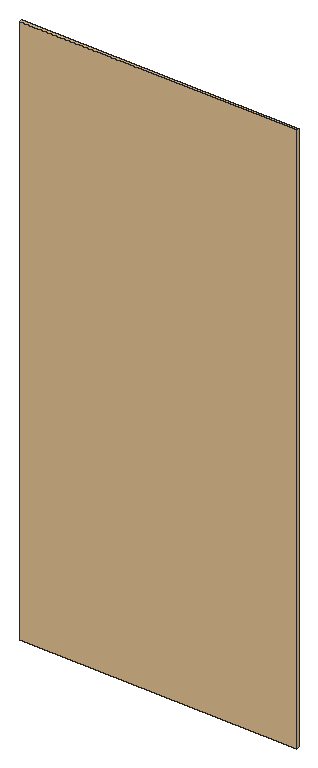
Revit family "American Walnut Veneer Honeycomb", category Generic Models, Revit 2017
Family settings
  Can host rebar = No
  Round Connector Dimension = Use Diameter
  Part Type = Normal
  Work Plane-Based = No
  Always vertical = Yes
  Cut with Voids When Loaded = No
  Shared = Yes
  Room Calculation Point = No
Parameters (values of type "2400 x 1200")
  Raw Finish Code = "EX24 AW-HOC"  # constant formula
  Material = none
  URL = "https://www.easycraft.com.au/products/253/expression-series"
  Panel_width = 1200 mm  # constant formula
  Panel_thickness = 10 mm  # constant formula
  Model = "Expression Series - Honeycomb"  # constant formula
  Manufacturer = "Easycraft Australia Pty Ltd ph 07 3906 7200"  # constant formula
  Panel_height = 2400 mm  # constant formula
  Description = "American Walnut Veneer"  # constant formula
  Clear Finish Code = "EX24 AW-HOC-CF"  # constant formula
  Assembly Code = ""
Reference planes
  plane 1 "Center (Front/Back)": y = 0
  plane 2: z = 0
  plane 3 "Center (Left/Right)": x = 0
  plane 4 "Panel_top": z = 2400
  plane 5 "Panel face": y = -10
Forms (mm)
  Extrusion 1, solid, material "American Walnut Veneer"
    sketch origin (0, 0, 2400) x (0, -1, 0) y (1, 0, 0)
      loop
        line (0, 0) -> (10, 0) -> (10, 1200) -> (0, 1200) -> (0, 0)
    from -2400 to 0
Lines and regions (mm)
  model lines, style "easycraft expressions pattern"
    curve 1: line (1170.784, -10, 2287.01) -> (1200, -10, 2287.01)
    curve 2: line (1129.224, -10, 2348.821) -> (1070.792, -10, 2348.821)
    curve 3: line (1170.783, -10, 2163.389) -> (1200, -10, 2163.389)
    curve 4: line (1129.224, -10, 2225.2) -> (1070.792, -10, 2225.2)
    curve 5: line (1170.783, -10, 2039.767) -> (1200, -10, 2039.767)
    curve 6: line (1129.225, -10, 2101.577) -> (1070.792, -10, 2101.577)
    curve 7: line (1170.784, -10, 1916.144) -> (1200, -10, 1916.144)
    curve 8: line (1129.224, -10, 1977.955) -> (1070.792, -10, 1977.955)
    curve 9: line (1170.784, -10, 1792.521) -> (1200, -10, 1792.521)
    curve 10: line (1129.224, -10, 1854.332) -> (1070.792, -10, 1854.332)
    curve 11: line (1170.784, -10, 1668.899) -> (1200, -10, 1668.899)
    curve 12: line (1129.224, -10, 1730.709) -> (1070.792, -10, 1730.709)
    curve 13: line (1170.784, -10, 1545.276) -> (1200, -10, 1545.276)
    curve 14: line (1129.224, -10, 1607.087) -> (1070.792, -10, 1607.087)
    curve 15: line (1170.784, -10, 1421.654) -> (1200, -10, 1421.654)
    curve 16: line (1129.224, -10, 1483.465) -> (1070.792, -10, 1483.465)
    curve 17: line (1170.784, -10, 1298.032) -> (1200, -10, 1298.032)
    curve 18: line (1129.224, -10, 1359.843) -> (1070.793, -10, 1359.843)
    curve 19: line (1170.784, -10, 1174.411) -> (1200, -10, 1174.411)
    curve 20: line (1129.224, -10, 1236.221) -> (1070.792, -10, 1236.221)
    curve 21: line (1170.784, -10, 1050.789) -> (1200, -10, 1050.789)
    curve 22: line (1129.224, -10, 1112.6) -> (1070.793, -10, 1112.6)
    curve 23: line (1170.784, -10, 927.167) -> (1200, -10, 927.167)
    curve 24: line (1129.224, -10, 988.978) -> (1070.791, -10, 988.978)
    curve 25: line (1170.784, -10, 803.543) -> (1200, -10, 803.543)
    curve 26: line (1129.224, -10, 865.355) -> (1070.792, -10, 865.355)
    curve 27: line (1170.784, -10, 679.922) -> (1200, -10, 679.922)
    curve 28: line (1129.224, -10, 741.733) -> (1070.793, -10, 741.733)
    curve 29: line (1170.784, -10, 556.3) -> (1200, -10, 556.3)
    curve 30: line (1129.224, -10, 618.111) -> (1070.791, -10, 618.111)
    curve 31: line (1170.784, -10, 432.677) -> (1200, -10, 432.677)
    curve 32: line (1129.224, -10, 494.488) -> (1070.792, -10, 494.488)
    curve 33: line (1170.784, -10, 309.056) -> (1200, -10, 309.056)
    curve 34: line (1129.224, -10, 370.867) -> (1070.793, -10, 370.867)
    curve 35: line (1170.784, -10, 185.434) -> (1200, -10, 185.434)
    curve 36: line (1129.224, -10, 247.246) -> (1070.791, -10, 247.246)
    curve 37: line (1170.785, -10, 61.811) -> (1200, -10, 61.811)
    curve 38: line (1129.224, -10, 123.622) -> (1070.791, -10, 123.622)
    curve 39: line (1163.635, -10, 2400) -> (1129.224, -10, 2348.821)
    curve 40: line (1129.224, -10, 2348.821) -> (1170.784, -10, 2287.01)
    curve 41: line (1170.784, -10, 2287.01) -> (1129.224, -10, 2225.199)
    curve 42: line (1129.224, -10, 2225.199) -> (1170.783, -10, 2163.389)
    curve 43: line (1170.784, -10, 2163.388) -> (1129.225, -10, 2101.577)
    curve 44: line (1129.224, -10, 2101.577) -> (1170.783, -10, 2039.767)
    curve 45: line (1170.784, -10, 2039.766) -> (1129.224, -10, 1977.955)
    curve 46: line (1129.224, -10, 1977.955) -> (1170.784, -10, 1916.144)
    curve 47: line (1170.784, -10, 1916.144) -> (1129.224, -10, 1854.332)
    curve 48: line (1129.224, -10, 1854.332) -> (1170.784, -10, 1792.521)
    curve 49: line (1170.784, -10, 1792.521) -> (1129.224, -10, 1730.709)
    curve 50: line (1129.224, -10, 1730.709) -> (1170.784, -10, 1668.899)
    curve 51: line (1170.784, -10, 1668.899) -> (1129.224, -10, 1607.087)
    curve 52: line (1129.224, -10, 1607.087) -> (1170.784, -10, 1545.276)
    curve 53: line (1170.784, -10, 1545.276) -> (1129.224, -10, 1483.465)
    curve 54: line (1129.224, -10, 1483.465) -> (1170.784, -10, 1421.654)
    curve 55: line (1170.784, -10, 1421.654) -> (1129.224, -10, 1359.843)
    curve 56: line (1129.224, -10, 1359.843) -> (1170.784, -10, 1298.032)
    curve 57: line (1170.784, -10, 1298.032) -> (1129.224, -10, 1236.221)
    curve 58: line (1129.224, -10, 1236.221) -> (1170.784, -10, 1174.411)
    curve 59: line (1170.784, -10, 1174.411) -> (1129.224, -10, 1112.6)
    curve 60: line (1129.224, -10, 1112.6) -> (1170.784, -10, 1050.789)
    curve 61: line (1170.784, -10, 1050.789) -> (1129.224, -10, 988.978)
    curve 62: line (1129.224, -10, 988.978) -> (1170.784, -10, 927.167)
    curve 63: line (1170.784, -10, 927.167) -> (1129.224, -10, 865.355)
    curve 64: line (1129.224, -10, 865.355) -> (1170.784, -10, 803.545)
    curve 65: line (1170.784, -10, 803.545) -> (1129.224, -10, 741.733)
    curve 66: line (1129.224, -10, 741.733) -> (1170.784, -10, 679.922)
    curve 67: line (1170.784, -10, 679.922) -> (1129.224, -10, 618.111)
    curve 68: line (1129.224, -10, 618.111) -> (1170.784, -10, 556.3)
    curve 69: line (1170.784, -10, 556.3) -> (1129.224, -10, 494.488)
    curve 70: line (1129.224, -10, 494.489) -> (1170.784, -10, 432.678)
    curve 71: line (1170.784, -10, 432.678) -> (1129.224, -10, 370.867)
    curve 72: line (1129.224, -10, 370.867) -> (1170.784, -10, 309.056)
    curve 73: line (1170.784, -10, 309.056) -> (1129.224, -10, 247.246)
    curve 74: line (1129.224, -10, 247.246) -> (1170.784, -10, 185.434)
    curve 75: line (1170.784, -10, 185.434) -> (1129.224, -10, 123.622)
    curve 76: line (1129.224, -10, 123.622) -> (1170.785, -10, 61.811)
    curve 77: line (1170.784, -10, 61.812) -> (1129.224, -10, 0)
    curve 78: line (1070.792, -10, 0.001) -> (1029.232, -10, 61.812)
    curve 79: line (1029.232, -10, 61.812) -> (1070.792, -10, 123.622)
    curve 80: line (1070.791, -10, 123.622) -> (1029.233, -10, 185.434)
    curve 81: line (1029.233, -10, 185.434) -> (1070.792, -10, 247.244)
    curve 82: line (1070.791, -10, 247.246) -> (1029.233, -10, 309.057)
    curve 83: line (1029.233, -10, 309.057) -> (1070.793, -10, 370.867)
    curve 84: line (1070.792, -10, 370.867) -> (1029.233, -10, 432.678)
    curve 85: line (1029.233, -10, 432.678) -> (1070.792, -10, 494.489)
    curve 86: line (1070.792, -10, 494.489) -> (1029.233, -10, 556.3)
    curve 87: line (1029.233, -10, 556.3) -> (1070.792, -10, 618.11)
    curve 88: line (1070.791, -10, 618.111) -> (1029.233, -10, 679.921)
    curve 89: line (1029.233, -10, 679.921) -> (1070.793, -10, 741.733)
    curve 90: line (1070.792, -10, 741.732) -> (1029.233, -10, 803.543)
    curve 91: line (1029.233, -10, 803.543) -> (1070.792, -10, 865.355)
    curve 92: line (1070.792, -10, 865.355) -> (1029.233, -10, 927.165)
    curve 93: line (1029.233, -10, 927.165) -> (1070.792, -10, 988.976)
    curve 94: line (1070.791, -10, 988.978) -> (1029.233, -10, 1050.788)
    curve 95: line (1029.233, -10, 1050.788) -> (1070.793, -10, 1112.6)
    curve 96: line (1070.792, -10, 1112.598) -> (1029.233, -10, 1174.41)
    curve 97: line (1029.233, -10, 1174.41) -> (1070.792, -10, 1236.221)
    curve 98: line (1070.792, -10, 1236.221) -> (1029.233, -10, 1298.032)
    curve 99: line (1029.233, -10, 1298.032) -> (1070.793, -10, 1359.843)
    curve 100: line (1070.792, -10, 1359.841) -> (1029.233, -10, 1421.653)
    curve 101: line (1029.233, -10, 1421.653) -> (1070.792, -10, 1483.465)
    curve 102: line (1070.792, -10, 1483.465) -> (1029.233, -10, 1545.276)
    curve 103: line (1029.233, -10, 1545.276) -> (1070.792, -10, 1607.087)
    curve 104: line (1070.792, -10, 1607.087) -> (1029.233, -10, 1668.899)
    curve 105: line (1029.233, -10, 1668.899) -> (1070.792, -10, 1730.709)
    curve 106: line (1070.792, -10, 1730.709) -> (1029.233, -10, 1792.521)
    curve 107: line (1029.233, -10, 1792.521) -> (1070.792, -10, 1854.332)
    curve 108: line (1070.792, -10, 1854.332) -> (1029.233, -10, 1916.144)
    curve 109: line (1029.233, -10, 1916.144) -> (1070.792, -10, 1977.955)
    curve 110: line (1070.792, -10, 1977.955) -> (1029.233, -10, 2039.766)
    curve 111: line (1029.233, -10, 2039.766) -> (1070.792, -10, 2101.577)
    curve 112: line (1070.792, -10, 2101.577) -> (1029.233, -10, 2163.388)
    curve 113: line (1029.233, -10, 2163.388) -> (1070.792, -10, 2225.199)
    curve 114: line (1070.792, -10, 2225.199) -> (1029.233, -10, 2287.01)
    curve 115: line (1029.233, -10, 2287.01) -> (1070.792, -10, 2348.821)
    curve 116: line (1070.792, -10, 2348.821) -> (1036.381, -10, 2400)
    curve 117: line (1029.233, -10, 2287.01) -> (970.8, -10, 2287.01)
    curve 118: line (1029.233, -10, 2163.389) -> (970.8, -10, 2163.389)
    curve 119: line (1029.233, -10, 2039.767) -> (970.8, -10, 2039.767)
    curve 120: line (1029.233, -10, 1916.144) -> (970.801, -10, 1916.144)
    curve 121: line (1029.233, -10, 1792.521) -> (970.8, -10, 1792.521)
    curve 122: line (1029.233, -10, 1668.899) -> (970.799, -10, 1668.899)
    curve 123: line (1029.233, -10, 1545.276) -> (970.8, -10, 1545.276)
    curve 124: line (1029.233, -10, 1421.653) -> (970.8, -10, 1421.653)
    curve 125: line (1029.233, -10, 1298.032) -> (970.8, -10, 1298.032)
    curve 126: line (1029.233, -10, 1174.41) -> (970.799, -10, 1174.41)
    curve 127: line (1029.233, -10, 1050.788) -> (970.801, -10, 1050.788)
    curve 128: line (1029.233, -10, 927.165) -> (970.8, -10, 927.165)
    curve 129: line (1029.233, -10, 803.544) -> (970.8, -10, 803.544)
    curve 130: line (1029.233, -10, 679.921) -> (970.801, -10, 679.921)
    curve 131: line (1029.233, -10, 556.3) -> (970.8, -10, 556.3)
    curve 132: line (1029.233, -10, 432.679) -> (970.801, -10, 432.679)
    curve 133: line (1029.233, -10, 309.057) -> (970.799, -10, 309.057)
    curve 134: line (1029.233, -10, 185.434) -> (970.8, -10, 185.434)
    curve 135: line (1029.233, -10, 61.811) -> (970.8, -10, 61.811)
    curve 136: line (836.397, -10, 2400) -> (870.807, -10, 2348.822)
    curve 137: line (870.807, -10, 2348.822) -> (829.248, -10, 2287.011)
    curve 138: line (829.248, -10, 2287.011) -> (870.807, -10, 2225.2)
    curve 139: line (870.807, -10, 2225.2) -> (829.248, -10, 2163.389)
    curve 140: line (829.248, -10, 2163.389) -> (870.807, -10, 2101.577)
    curve 141: line (870.807, -10, 2101.577) -> (829.248, -10, 2039.767)
    curve 142: line (829.248, -10, 2039.767) -> (870.807, -10, 1977.955)
    curve 143: line (870.807, -10, 1977.955) -> (829.248, -10, 1916.141)
    curve 144: line (829.248, -10, 1916.141) -> (870.806, -10, 1854.332)
    curve 145: line (870.807, -10, 1854.331) -> (829.248, -10, 1792.521)
    curve 146: line (829.248, -10, 1792.521) -> (870.807, -10, 1730.71)
    curve 147: line (870.807, -10, 1730.71) -> (829.248, -10, 1668.899)
    curve 148: line (829.248, -10, 1668.899) -> (870.807, -10, 1607.088)
    curve 149: line (870.807, -10, 1607.088) -> (829.248, -10, 1545.274)
    curve 150: line (829.248, -10, 1545.274) -> (870.806, -10, 1483.464)
    curve 151: line (870.807, -10, 1483.463) -> (829.248, -10, 1421.655)
    curve 152: line (829.248, -10, 1421.655) -> (870.807, -10, 1359.843)
    curve 153: line (870.807, -10, 1359.843) -> (829.248, -10, 1298.03)
    curve 154: line (829.248, -10, 1298.03) -> (870.807, -10, 1236.22)
    curve 155: line (870.807, -10, 1236.22) -> (829.248, -10, 1174.408)
    curve 156: line (829.248, -10, 1174.408) -> (870.806, -10, 1112.598)
    curve 157: line (870.807, -10, 1112.596) -> (829.248, -10, 1050.788)
    curve 158: line (829.248, -10, 1050.788) -> (870.807, -10, 988.977)
    curve 159: line (870.807, -10, 988.977) -> (829.248, -10, 927.166)
    curve 160: line (829.248, -10, 927.166) -> (870.807, -10, 865.355)
    curve 161: line (870.807, -10, 865.355) -> (829.248, -10, 803.541)
    curve 162: line (829.248, -10, 803.541) -> (870.806, -10, 741.731)
    curve 163: line (870.807, -10, 741.73) -> (829.248, -10, 679.923)
    curve 164: line (829.248, -10, 679.923) -> (870.807, -10, 618.112)
    curve 165: line (870.807, -10, 618.112) -> (829.248, -10, 556.301)
    curve 166: line (829.248, -10, 556.301) -> (870.807, -10, 494.489)
    curve 167: line (870.807, -10, 494.489) -> (829.248, -10, 432.679)
    curve 168: line (829.248, -10, 432.679) -> (870.806, -10, 370.869)
    curve 169: line (870.807, -10, 370.867) -> (829.248, -10, 309.058)
    curve 170: line (829.248, -10, 309.058) -> (870.807, -10, 247.245)
    curve 171: line (870.807, -10, 247.245) -> (829.248, -10, 185.434)
    curve 172: line (829.248, -10, 185.434) -> (870.807, -10, 123.623)
    curve 173: line (870.807, -10, 123.623) -> (829.247, -10, 61.813)
    curve 174: line (829.247, -10, 61.813) -> (870.807, -10, 0.001)
    curve 175: line (929.24, -10, 0.001) -> (970.8, -10, 61.811)
    curve 176: line (970.8, -10, 61.811) -> (929.241, -10, 123.623)
    curve 177: line (929.241, -10, 123.623) -> (970.8, -10, 185.434)
    curve 178: line (970.8, -10, 185.434) -> (929.241, -10, 247.245)
    curve 179: line (929.241, -10, 247.245) -> (970.8, -10, 309.056)
    curve 180: line (970.799, -10, 309.057) -> (929.241, -10, 370.869)
    curve 181: line (929.241, -10, 370.869) -> (970.801, -10, 432.679)
    curve 182: line (970.8, -10, 432.678) -> (929.241, -10, 494.489)
    curve 183: line (929.241, -10, 494.489) -> (970.8, -10, 556.3)
    curve 184: line (970.8, -10, 556.3) -> (929.241, -10, 618.112)
    curve 185: line (929.241, -10, 618.112) -> (970.801, -10, 679.921)
    curve 186: line (970.8, -10, 679.92) -> (929.241, -10, 741.731)
    curve 187: line (929.241, -10, 741.731) -> (970.8, -10, 803.543)
    curve 188: line (970.8, -10, 803.544) -> (929.241, -10, 865.354)
    curve 189: line (929.241, -10, 865.355) -> (970.8, -10, 927.165)
    curve 190: line (970.8, -10, 927.165) -> (929.241, -10, 988.977)
    curve 191: line (929.241, -10, 988.977) -> (970.801, -10, 1050.788)
    curve 192: line (970.8, -10, 1050.786) -> (929.241, -10, 1112.598)
    curve 193: line (929.241, -10, 1112.598) -> (970.8, -10, 1174.408)
    curve 194: line (970.799, -10, 1174.41) -> (929.241, -10, 1236.22)
    curve 195: line (929.241, -10, 1236.22) -> (970.8, -10, 1298.032)
    curve 196: line (970.8, -10, 1298.032) -> (929.241, -10, 1359.843)
    curve 197: line (929.241, -10, 1359.843) -> (970.8, -10, 1421.653)
    curve 198: line (970.8, -10, 1421.653) -> (929.241, -10, 1483.464)
    curve 199: line (929.241, -10, 1483.464) -> (970.8, -10, 1545.276)
    curve 200: line (970.8, -10, 1545.276) -> (929.241, -10, 1607.088)
    curve 201: line (929.241, -10, 1607.088) -> (970.8, -10, 1668.897)
    curve 202: line (970.799, -10, 1668.899) -> (929.241, -10, 1730.71)
    curve 203: line (929.241, -10, 1730.71) -> (970.8, -10, 1792.521)
    curve 204: line (970.8, -10, 1792.521) -> (929.241, -10, 1854.332)
    curve 205: line (929.241, -10, 1854.332) -> (970.801, -10, 1916.144)
    curve 206: line (970.8, -10, 1916.144) -> (929.241, -10, 1977.955)
    curve 207: line (929.241, -10, 1977.955) -> (970.8, -10, 2039.766)
    curve 208: line (970.8, -10, 2039.766) -> (929.241, -10, 2101.577)
    curve 209: line (929.241, -10, 2101.577) -> (970.8, -10, 2163.388)
    curve 210: line (970.8, -10, 2163.388) -> (929.241, -10, 2225.2)
    curve 211: line (929.241, -10, 2225.2) -> (970.8, -10, 2287.01)
    curve 212: line (970.8, -10, 2287.01) -> (929.241, -10, 2348.822)
    curve 213: line (929.241, -10, 2348.822) -> (963.65, -10, 2400)
    curve 214: line (929.241, -10, 2348.822) -> (870.807, -10, 2348.822)
    curve 215: line (929.24, -10, 2225.2) -> (870.807, -10, 2225.2)
    curve 216: line (929.24, -10, 2101.578) -> (870.807, -10, 2101.578)
    curve 217: line (929.24, -10, 1977.956) -> (870.807, -10, 1977.956)
    curve 218: line (929.241, -10, 1854.332) -> (870.806, -10, 1854.332)
    curve 219: line (929.241, -10, 1730.71) -> (870.807, -10, 1730.71)
    curve 220: line (929.241, -10, 1607.088) -> (870.807, -10, 1607.088)
    curve 221: line (929.241, -10, 1483.464) -> (870.806, -10, 1483.464)
    curve 222: line (929.241, -10, 1359.843) -> (870.807, -10, 1359.843)
    curve 223: line (929.241, -10, 1236.22) -> (870.807, -10, 1236.22)
    curve 224: line (929.241, -10, 1112.598) -> (870.806, -10, 1112.598)
    curve 225: line (929.241, -10, 988.977) -> (870.807, -10, 988.977)
    curve 226: line (929.241, -10, 865.354) -> (870.807, -10, 865.354)
    curve 227: line (929.241, -10, 741.731) -> (870.806, -10, 741.731)
    curve 228: line (929.241, -10, 618.112) -> (870.807, -10, 618.112)
    curve 229: line (929.24, -10, 494.489) -> (870.807, -10, 494.489)
    curve 230: line (929.241, -10, 370.869) -> (870.806, -10, 370.869)
    curve 231: line (929.241, -10, 247.245) -> (870.807, -10, 247.245)
    curve 232: line (929.241, -10, 123.623) -> (870.807, -10, 123.623)
    curve 233: line (763.665, -10, 2400) -> (729.256, -10, 2348.824)
    curve 234: line (729.256, -10, 2348.824) -> (770.816, -10, 2287.011)
    curve 235: line (770.816, -10, 2287.011) -> (729.256, -10, 2225.2)
    curve 236: line (729.256, -10, 2225.2) -> (770.816, -10, 2163.389)
    curve 237: line (770.816, -10, 2163.389) -> (729.256, -10, 2101.578)
    curve 238: line (729.256, -10, 2101.578) -> (770.816, -10, 2039.767)
    curve 239: line (829.248, -10, 2287.011) -> (770.816, -10, 2287.011)
    curve 240: line (829.248, -10, 2163.389) -> (770.816, -10, 2163.389)
    curve 241: line (829.248, -10, 2039.769) -> (770.816, -10, 2039.769)
    curve 242: line (770.816, -10, 2039.769) -> (729.256, -10, 1977.952)
    curve 243: line (729.256, -10, 1977.952) -> (770.816, -10, 1916.14)
    curve 244: line (770.816, -10, 1916.14) -> (729.256, -10, 1854.33)
    curve 245: line (729.256, -10, 1854.33) -> (770.816, -10, 1792.521)
    curve 246: line (770.816, -10, 1792.521) -> (729.256, -10, 1730.709)
    curve 247: line (729.256, -10, 1730.709) -> (770.816, -10, 1668.898)
    curve 248: line (829.248, -10, 1916.141) -> (770.816, -10, 1916.141)
    curve 249: line (829.248, -10, 1792.521) -> (770.816, -10, 1792.521)
    curve 250: line (829.248, -10, 1668.899) -> (770.816, -10, 1668.899)
    curve 251: line (770.816, -10, 1668.899) -> (729.256, -10, 1607.084)
    curve 252: line (729.256, -10, 1607.084) -> (770.815, -10, 1545.274)
    curve 253: line (770.816, -10, 1545.273) -> (729.256, -10, 1483.465)
    curve 254: line (729.256, -10, 1483.465) -> (770.815, -10, 1421.655)
    curve 255: line (770.816, -10, 1421.653) -> (729.256, -10, 1359.841)
    curve 256: line (729.256, -10, 1359.841) -> (770.816, -10, 1298.03)
    curve 257: line (770.816, -10, 1298.03) -> (729.256, -10, 1236.219)
    curve 258: line (729.256, -10, 1236.219) -> (770.816, -10, 1174.408)
    curve 259: line (770.816, -10, 1174.408) -> (729.256, -10, 1112.6)
    curve 260: line (729.256, -10, 1112.6) -> (770.816, -10, 1050.788)
    curve 261: line (770.816, -10, 1050.788) -> (729.256, -10, 988.977)
    curve 262: line (729.256, -10, 988.977) -> (770.816, -10, 927.166)
    curve 263: line (770.816, -10, 927.166) -> (729.256, -10, 865.353)
    curve 264: line (729.256, -10, 865.353) -> (770.815, -10, 803.542)
    curve 265: line (770.816, -10, 803.541) -> (729.256, -10, 741.733)
    curve 266: line (729.256, -10, 741.733) -> (770.816, -10, 679.922)
    curve 267: line (829.248, -10, 1545.274) -> (770.815, -10, 1545.274)
    curve 268: line (829.248, -10, 1421.655) -> (770.815, -10, 1421.655)
    curve 269: line (829.248, -10, 1298.03) -> (770.816, -10, 1298.03)
    curve 270: line (829.248, -10, 1174.408) -> (770.816, -10, 1174.408)
    curve 271: line (829.248, -10, 1050.788) -> (770.816, -10, 1050.788)
    curve 272: line (829.248, -10, 927.166) -> (770.816, -10, 927.166)
    curve 273: line (829.248, -10, 803.542) -> (770.815, -10, 803.542)
    curve 274: line (829.248, -10, 679.923) -> (770.816, -10, 679.923)
    curve 275: line (770.816, -10, 679.923) -> (729.256, -10, 618.112)
    curve 276: line (729.256, -10, 618.112) -> (770.815, -10, 556.301)
    curve 277: line (770.816, -10, 556.299) -> (729.256, -10, 494.49)
    curve 278: line (729.256, -10, 494.49) -> (770.816, -10, 432.679)
    curve 279: line (770.816, -10, 432.679) -> (729.256, -10, 370.868)
    curve 280: line (729.256, -10, 370.868) -> (770.816, -10, 309.056)
    curve 281: line (829.248, -10, 556.301) -> (770.815, -10, 556.301)
    curve 282: line (829.248, -10, 432.678) -> (770.816, -10, 432.678)
    curve 283: line (829.248, -10, 185.434) -> (770.816, -10, 185.434)
    curve 284: line (829.248, -10, 61.813) -> (770.816, -10, 61.813)
    curve 285: line (636.413, -10, 2400) -> (670.822, -10, 2348.824)
    curve 286: line (670.823, -10, 2348.822) -> (629.263, -10, 2287.013)
    curve 287: line (629.263, -10, 2287.013) -> (670.823, -10, 2225.2)
    curve 288: line (670.823, -10, 2225.2) -> (629.263, -10, 2163.389)
    curve 289: line (629.263, -10, 2163.389) -> (670.821, -10, 2101.58)
    curve 290: line (670.823, -10, 2101.578) -> (629.263, -10, 2039.762)
    curve 291: line (629.263, -10, 2039.762) -> (670.821, -10, 1977.954)
    curve 292: line (670.823, -10, 1977.952) -> (629.263, -10, 1916.142)
    curve 293: line (629.263, -10, 1916.142) -> (670.823, -10, 1854.33)
    curve 294: line (670.823, -10, 1854.33) -> (629.263, -10, 1792.519)
    curve 295: line (629.263, -10, 1792.519) -> (670.822, -10, 1730.709)
    curve 296: line (670.823, -10, 1730.708) -> (629.263, -10, 1668.894)
    curve 297: line (629.263, -10, 1668.894) -> (670.822, -10, 1607.084)
    curve 298: line (670.823, -10, 1607.083) -> (629.263, -10, 1545.272)
    curve 299: line (629.263, -10, 1545.272) -> (670.823, -10, 1483.465)
    curve 300: line (670.823, -10, 1483.465) -> (629.263, -10, 1421.651)
    curve 301: line (629.263, -10, 1421.651) -> (670.822, -10, 1359.841)
    curve 302: line (670.823, -10, 1359.84) -> (629.263, -10, 1298.029)
    curve 303: line (629.263, -10, 1298.029) -> (670.822, -10, 1236.219)
    curve 304: line (670.823, -10, 1236.218) -> (629.263, -10, 1174.41)
    curve 305: line (629.263, -10, 1174.41) -> (670.822, -10, 1112.6)
    curve 306: line (670.823, -10, 1112.598) -> (629.263, -10, 1050.789)
    curve 307: line (629.263, -10, 1050.789) -> (670.823, -10, 988.977)
    curve 308: line (670.823, -10, 988.977) -> (629.263, -10, 927.164)
    curve 309: line (629.263, -10, 927.164) -> (670.823, -10, 865.353)
    curve 310: line (670.823, -10, 865.353) -> (629.263, -10, 803.544)
    curve 311: line (629.263, -10, 803.544) -> (670.822, -10, 741.733)
    curve 312: line (670.823, -10, 741.732) -> (629.263, -10, 679.922)
    curve 313: line (629.263, -10, 679.922) -> (670.823, -10, 618.112)
    curve 314: line (670.823, -10, 618.112) -> (629.263, -10, 556.301)
    curve 315: line (629.263, -10, 556.301) -> (670.823, -10, 494.49)
    curve 316: line (670.823, -10, 494.49) -> (629.263, -10, 432.678)
    curve 317: line (629.263, -10, 432.678) -> (670.822, -10, 370.868)
    curve 318: line (670.823, -10, 370.866) -> (629.263, -10, 309.057)
    curve 319: line (629.263, -10, 309.057) -> (670.823, -10, 247.246)
    curve 320: line (670.823, -10, 247.246) -> (629.263, -10, 185.436)
    curve 321: line (629.263, -10, 185.436) -> (670.823, -10, 123.623)
    curve 322: line (670.823, -10, 123.623) -> (629.262, -10, 61.814)
    curve 323: line (629.263, -10, 61.813) -> (670.822, -10, 0.002)
    curve 324: line (729.256, -10, 0.002) -> (770.816, -10, 61.813)
    curve 325: line (770.816, -10, 61.812) -> (729.256, -10, 123.623)
    curve 326: line (729.256, -10, 123.623) -> (770.816, -10, 185.434)
    curve 327: line (770.816, -10, 185.434) -> (729.256, -10, 247.246)
    curve 328: line (729.256, -10, 247.246) -> (770.816, -10, 309.058)
    curve 329: line (770.816, -10, 309.058) -> (829.248, -10, 309.058)
    curve 330: line (729.256, -10, 2348.824) -> (670.822, -10, 2348.824)
    curve 331: line (729.255, -10, 2225.201) -> (670.823, -10, 2225.201)
    curve 332: line (729.255, -10, 2101.58) -> (670.821, -10, 2101.58)
    curve 333: line (729.255, -10, 1977.954) -> (670.821, -10, 1977.954)
    curve 334: line (729.256, -10, 1854.33) -> (670.823, -10, 1854.33)
    curve 335: line (729.256, -10, 1730.709) -> (670.822, -10, 1730.709)
    curve 336: line (729.256, -10, 1607.084) -> (670.822, -10, 1607.084)
    curve 337: line (729.256, -10, 1483.465) -> (670.823, -10, 1483.465)
    curve 338: line (729.256, -10, 1359.841) -> (670.822, -10, 1359.841)
    curve 339: line (729.256, -10, 1236.219) -> (670.822, -10, 1236.219)
    curve 340: line (729.256, -10, 1112.6) -> (670.822, -10, 1112.6)
    curve 341: line (729.256, -10, 988.977) -> (670.823, -10, 988.977)
    curve 342: line (729.255, -10, 865.352) -> (670.823, -10, 865.352)
    curve 343: line (729.256, -10, 741.733) -> (670.822, -10, 741.733)
    curve 344: line (729.256, -10, 618.112) -> (670.823, -10, 618.112)
    curve 345: line (729.255, -10, 494.489) -> (670.823, -10, 494.489)
    curve 346: line (729.256, -10, 370.868) -> (670.822, -10, 370.868)
    curve 347: line (729.256, -10, 247.246) -> (670.823, -10, 247.246)
    curve 348: line (729.256, -10, 123.623) -> (670.823, -10, 123.623)
    curve 349: line (629.263, -10, 2287.013) -> (570.83, -10, 2287.013)
    curve 350: line (629.263, -10, 2163.391) -> (570.83, -10, 2163.391)
    curve 351: line (629.263, -10, 2039.762) -> (570.831, -10, 2039.762)
    curve 352: line (629.263, -10, 1916.142) -> (570.83, -10, 1916.142)
    curve 353: line (629.263, -10, 1792.519) -> (570.832, -10, 1792.519)
    curve 354: line (629.263, -10, 1668.894) -> (570.83, -10, 1668.894)
    curve 355: line (629.263, -10, 1545.272) -> (570.831, -10, 1545.272)
    curve 356: line (629.263, -10, 1421.651) -> (570.832, -10, 1421.651)
    curve 357: line (629.263, -10, 1298.029) -> (570.83, -10, 1298.029)
    curve 358: line (629.263, -10, 1174.41) -> (570.831, -10, 1174.41)
    curve 359: line (629.263, -10, 1050.789) -> (570.831, -10, 1050.789)
    curve 360: line (629.263, -10, 927.164) -> (570.831, -10, 927.164)
    curve 361: line (629.263, -10, 803.544) -> (570.831, -10, 803.544)
    curve 362: line (629.263, -10, 679.922) -> (570.831, -10, 679.922)
    curve 363: line (629.263, -10, 556.301) -> (570.832, -10, 556.301)
    curve 364: line (629.263, -10, 432.679) -> (570.831, -10, 432.679)
    curve 365: line (629.263, -10, 309.057) -> (570.831, -10, 309.057)
    curve 366: line (629.263, -10, 185.436) -> (570.832, -10, 185.436)
    curve 367: line (629.262, -10, 61.814) -> (570.832, -10, 61.814)
    curve 368: line (436.429, -10, 2400) -> (470.837, -10, 2348.824)
    curve 369: line (529.272, -10, 2348.824) -> (470.837, -10, 2348.824)
    curve 370: line (470.838, -10, 2348.824) -> (429.279, -10, 2287.012)
    curve 371: line (429.279, -10, 2287.012) -> (470.838, -10, 2225.201)
    curve 372: line (470.838, -10, 2225.201) -> (429.279, -10, 2163.39)
    curve 373: line (429.279, -10, 2163.39) -> (470.838, -10, 2101.572)
    curve 374: line (470.838, -10, 2101.572) -> (429.279, -10, 2039.761)
    curve 375: line (429.279, -10, 2039.761) -> (470.838, -10, 1977.951)
    curve 376: line (470.838, -10, 1977.951) -> (429.279, -10, 1916.141)
    curve 377: line (429.279, -10, 1916.141) -> (470.838, -10, 1854.329)
    curve 378: line (470.838, -10, 1854.329) -> (429.279, -10, 1792.516)
    curve 379: line (429.279, -10, 1792.516) -> (470.838, -10, 1730.704)
    curve 380: line (470.838, -10, 1730.704) -> (429.279, -10, 1668.894)
    curve 381: line (429.279, -10, 1668.894) -> (470.837, -10, 1607.084)
    curve 382: line (470.838, -10, 1607.082) -> (429.279, -10, 1545.27)
    curve 383: line (429.279, -10, 1545.27) -> (470.838, -10, 1483.461)
    curve 384: line (470.838, -10, 1483.461) -> (429.279, -10, 1421.649)
    curve 385: line (429.279, -10, 1421.649) -> (470.838, -10, 1359.838)
    curve 386: line (529.272, -10, 2225.201) -> (470.838, -10, 2225.201)
    curve 387: line (529.271, -10, 2101.572) -> (470.838, -10, 2101.572)
    curve 388: line (529.271, -10, 1977.952) -> (470.838, -10, 1977.952)
    curve 389: line (529.272, -10, 1854.329) -> (470.838, -10, 1854.329)
    curve 390: line (529.272, -10, 1730.704) -> (470.838, -10, 1730.704)
    curve 391: line (529.272, -10, 1607.084) -> (470.837, -10, 1607.084)
    curve 392: line (529.272, -10, 1483.461) -> (470.838, -10, 1483.461)
    curve 393: line (529.272, -10, 1359.839) -> (470.838, -10, 1359.839)
    curve 394: line (470.838, -10, 1359.839) -> (429.279, -10, 1298.03)
    curve 395: line (429.279, -10, 1298.03) -> (470.838, -10, 1236.218)
    curve 396: line (470.838, -10, 1236.218) -> (429.279, -10, 1174.408)
    curve 397: line (429.279, -10, 1174.408) -> (470.837, -10, 1112.6)
    curve 398: line (470.838, -10, 1112.599) -> (429.279, -10, 1050.785)
    curve 399: line (429.279, -10, 1050.785) -> (470.838, -10, 988.974)
    curve 400: line (529.272, -10, 1236.218) -> (470.838, -10, 1236.218)
    curve 401: line (529.272, -10, 1112.6) -> (470.837, -10, 1112.6)
    curve 402: line (529.272, -10, 988.975) -> (470.838, -10, 988.975)
    curve 403: line (470.838, -10, 988.975) -> (429.279, -10, 927.167)
    curve 404: line (429.279, -10, 927.167) -> (470.838, -10, 865.356)
    curve 405: line (470.838, -10, 865.356) -> (429.279, -10, 803.545)
    curve 406: line (429.279, -10, 803.545) -> (470.838, -10, 741.734)
    curve 407: line (470.838, -10, 741.734) -> (429.279, -10, 679.92)
    curve 408: line (429.279, -10, 679.92) -> (470.838, -10, 618.111)
    curve 409: line (470.838, -10, 618.111) -> (429.279, -10, 556.298)
    curve 410: line (429.279, -10, 556.298) -> (470.838, -10, 494.49)
    curve 411: line (470.838, -10, 494.489) -> (429.279, -10, 432.679)
    curve 412: line (429.279, -10, 432.679) -> (470.837, -10, 370.868)
    curve 413: line (470.838, -10, 370.867) -> (429.279, -10, 309.056)
    curve 414: line (429.279, -10, 309.056) -> (470.837, -10, 247.246)
    curve 415: line (470.838, -10, 247.245) -> (429.279, -10, 185.434)
    curve 416: line (429.279, -10, 185.434) -> (470.837, -10, 123.624)
    curve 417: line (470.838, -10, 123.624) -> (429.278, -10, 61.814)
    curve 418: line (429.278, -10, 61.814) -> (470.838, -10, 0.003)
    curve 419: line (529.271, -10, 0.003) -> (570.832, -10, 61.814)
    curve 420: line (570.831, -10, 61.813) -> (529.272, -10, 123.624)
    curve 421: line (529.272, -10, 123.624) -> (570.832, -10, 185.436)
    curve 422: line (570.831, -10, 185.435) -> (529.272, -10, 247.246)
    curve 423: line (529.272, -10, 247.246) -> (570.831, -10, 309.057)
    curve 424: line (570.831, -10, 309.057) -> (529.272, -10, 370.868)
    curve 425: line (529.272, -10, 370.868) -> (570.831, -10, 432.679)
    curve 426: line (570.831, -10, 432.678) -> (529.272, -10, 494.489)
    curve 427: line (529.272, -10, 494.489) -> (570.832, -10, 556.301)
    curve 428: line (570.831, -10, 556.3) -> (529.272, -10, 618.111)
    curve 429: line (529.272, -10, 618.111) -> (570.831, -10, 679.922)
    curve 430: line (570.831, -10, 679.922) -> (529.272, -10, 741.734)
    curve 431: line (529.272, -10, 741.734) -> (570.831, -10, 803.544)
    curve 432: line (570.831, -10, 803.544) -> (529.272, -10, 865.356)
    curve 433: line (529.272, -10, 865.356) -> (570.831, -10, 927.164)
    curve 434: line (570.831, -10, 927.164) -> (529.272, -10, 988.975)
    curve 435: line (529.272, -10, 988.975) -> (570.831, -10, 1050.789)
    curve 436: line (570.831, -10, 1050.789) -> (529.272, -10, 1112.6)
    curve 437: line (529.272, -10, 1112.6) -> (570.831, -10, 1174.41)
    curve 438: line (570.831, -10, 1174.41) -> (529.272, -10, 1236.218)
    curve 439: line (529.272, -10, 1236.218) -> (570.831, -10, 1298.028)
    curve 440: line (570.83, -10, 1298.029) -> (529.272, -10, 1359.839)
    curve 441: line (529.272, -10, 1359.839) -> (570.832, -10, 1421.651)
    curve 442: line (570.831, -10, 1421.65) -> (529.272, -10, 1483.461)
    curve 443: line (529.272, -10, 1483.461) -> (570.831, -10, 1545.272)
    curve 444: line (570.831, -10, 1545.272) -> (529.272, -10, 1607.084)
    curve 445: line (529.272, -10, 1607.084) -> (570.831, -10, 1668.893)
    curve 446: line (570.83, -10, 1668.894) -> (529.272, -10, 1730.704)
    curve 447: line (529.272, -10, 1730.704) -> (570.832, -10, 1792.519)
    curve 448: line (570.831, -10, 1792.518) -> (529.272, -10, 1854.329)
    curve 449: line (529.272, -10, 1854.329) -> (570.831, -10, 1916.14)
    curve 450: line (570.83, -10, 1916.142) -> (529.272, -10, 1977.951)
    curve 451: line (529.272, -10, 1977.951) -> (570.831, -10, 2039.762)
    curve 452: line (570.831, -10, 2039.762) -> (529.271, -10, 2101.572)
    curve 453: line (529.272, -10, 2101.572) -> (570.831, -10, 2163.389)
    curve 454: line (570.83, -10, 2163.391) -> (529.272, -10, 2225.201)
    curve 455: line (529.272, -10, 2225.201) -> (570.831, -10, 2287.012)
    curve 456: line (570.83, -10, 2287.013) -> (529.272, -10, 2348.824)
    curve 457: line (529.272, -10, 2348.824) -> (563.68, -10, 2400)
    curve 458: line (529.271, -10, 865.355) -> (470.838, -10, 865.355)
    curve 459: line (529.272, -10, 741.734) -> (470.838, -10, 741.734)
    curve 460: line (529.272, -10, 618.111) -> (470.838, -10, 618.111)
    curve 461: line (529.271, -10, 494.49) -> (470.838, -10, 494.49)
    curve 462: line (529.272, -10, 370.868) -> (470.837, -10, 370.868)
    curve 463: line (529.272, -10, 247.246) -> (470.837, -10, 247.246)
    curve 464: line (529.272, -10, 123.624) -> (470.837, -10, 123.624)
    curve 465: line (429.279, -10, 2287.012) -> (370.846, -10, 2287.012)
    curve 466: line (429.279, -10, 2163.392) -> (370.845, -10, 2163.392)
    curve 467: line (429.279, -10, 2039.762) -> (370.846, -10, 2039.762)
    curve 468: line (429.279, -10, 1916.141) -> (370.848, -10, 1916.141)
    curve 469: line (429.279, -10, 1792.516) -> (370.847, -10, 1792.516)
    curve 470: line (429.279, -10, 1668.894) -> (370.845, -10, 1668.894)
    curve 471: line (429.279, -10, 1545.27) -> (370.846, -10, 1545.27)
    curve 472: line (429.279, -10, 1421.649) -> (370.847, -10, 1421.649)
    curve 473: line (429.279, -10, 1298.03) -> (370.845, -10, 1298.03)
    curve 474: line (429.279, -10, 1174.408) -> (370.846, -10, 1174.408)
    curve 475: line (429.279, -10, 1050.785) -> (370.846, -10, 1050.785)
    curve 476: line (429.279, -10, 927.167) -> (370.846, -10, 927.167)
    curve 477: line (429.279, -10, 803.544) -> (370.846, -10, 803.544)
    curve 478: line (429.279, -10, 679.92) -> (370.846, -10, 679.92)
    curve 479: line (429.279, -10, 556.298) -> (370.846, -10, 556.298)
    curve 480: line (429.279, -10, 432.678) -> (370.846, -10, 432.678)
    curve 481: line (429.279, -10, 309.056) -> (370.845, -10, 309.056)
    curve 482: line (429.279, -10, 185.434) -> (370.847, -10, 185.434)
    curve 483: line (429.279, -10, 61.815) -> (370.847, -10, 61.815)
    curve 484: line (236.451, -10, 2400) -> (270.854, -10, 2348.824)
    curve 485: line (270.854, -10, 2348.824) -> (229.294, -10, 2287.013)
    curve 486: line (229.294, -10, 2287.013) -> (270.852, -10, 2225.203)
    curve 487: line (270.854, -10, 2225.201) -> (229.294, -10, 2163.384)
    curve 488: line (229.294, -10, 2163.384) -> (270.852, -10, 2101.573)
    curve 489: line (270.854, -10, 2101.571) -> (229.294, -10, 2039.762)
    curve 490: line (229.294, -10, 2039.762) -> (270.852, -10, 1977.952)
    curve 491: line (270.854, -10, 1977.95) -> (229.294, -10, 1916.136)
    curve 492: line (229.294, -10, 1916.136) -> (270.853, -10, 1854.326)
    curve 493: line (270.854, -10, 1854.324) -> (229.294, -10, 1792.514)
    curve 494: line (229.294, -10, 1792.514) -> (270.853, -10, 1730.704)
    curve 495: line (270.854, -10, 1730.702) -> (229.294, -10, 1668.891)
    curve 496: line (229.294, -10, 1668.891) -> (270.853, -10, 1607.081)
    curve 497: line (270.854, -10, 1607.08) -> (229.294, -10, 1545.269)
    curve 498: line (229.294, -10, 1545.269) -> (270.853, -10, 1483.459)
    curve 499: line (270.854, -10, 1483.458) -> (229.294, -10, 1421.651)
    curve 500: line (229.294, -10, 1421.651) -> (270.853, -10, 1359.84)
    curve 501: line (270.854, -10, 1359.838) -> (229.294, -10, 1298.029)
    curve 502: line (229.294, -10, 1298.029) -> (270.853, -10, 1236.219)
    curve 503: line (270.854, -10, 1236.218) -> (229.294, -10, 1174.407)
    curve 504: line (229.294, -10, 1174.407) -> (270.853, -10, 1112.597)
    curve 505: line (270.854, -10, 1112.595) -> (229.294, -10, 1050.789)
    curve 506: line (229.294, -10, 1050.789) -> (270.853, -10, 988.979)
    curve 507: line (270.854, -10, 988.977) -> (229.294, -10, 927.168)
    curve 508: line (229.294, -10, 927.168) -> (270.853, -10, 865.357)
    curve 509: line (270.854, -10, 865.357) -> (229.294, -10, 803.542)
    curve 510: line (229.294, -10, 803.542) -> (270.853, -10, 741.732)
    curve 511: line (270.854, -10, 741.73) -> (229.294, -10, 679.921)
    curve 512: line (229.294, -10, 679.921) -> (270.854, -10, 618.109)
    curve 513: line (270.854, -10, 618.109) -> (229.294, -10, 556.299)
    curve 514: line (229.294, -10, 556.299) -> (270.854, -10, 494.487)
    curve 515: line (270.854, -10, 494.487) -> (229.294, -10, 432.676)
    curve 516: line (229.294, -10, 432.676) -> (270.853, -10, 370.866)
    curve 517: line (270.854, -10, 370.865) -> (229.294, -10, 309.056)
    curve 518: line (229.294, -10, 309.056) -> (270.854, -10, 247.244)
    curve 519: line (270.854, -10, 247.244) -> (229.294, -10, 185.436)
    curve 520: line (229.294, -10, 185.436) -> (270.853, -10, 123.626)
    curve 521: line (270.854, -10, 123.625) -> (229.294, -10, 61.815)
    curve 522: line (229.294, -10, 61.815) -> (270.853, -10, 0.003)
    curve 523: line (329.286, -10, 0.003) -> (370.847, -10, 61.815)
    curve 524: line (370.846, -10, 61.813) -> (329.287, -10, 123.626)
    curve 525: line (329.287, -10, 123.626) -> (370.847, -10, 185.434)
    curve 526: line (370.846, -10, 185.433) -> (329.287, -10, 247.244)
    curve 527: line (329.287, -10, 247.244) -> (370.846, -10, 309.055)
    curve 528: line (370.845, -10, 309.056) -> (329.287, -10, 370.866)
    curve 529: line (329.287, -10, 370.866) -> (370.846, -10, 432.679)
    curve 530: line (370.846, -10, 432.679) -> (329.287, -10, 494.487)
    curve 531: line (329.287, -10, 494.487) -> (370.846, -10, 556.298)
    curve 532: line (370.846, -10, 556.298) -> (329.287, -10, 618.109)
    curve 533: line (329.287, -10, 618.109) -> (370.846, -10, 679.92)
    curve 534: line (370.846, -10, 679.92) -> (329.287, -10, 741.732)
    curve 535: line (329.287, -10, 741.732) -> (370.846, -10, 803.545)
    curve 536: line (370.846, -10, 803.545) -> (329.287, -10, 865.357)
    curve 537: line (329.287, -10, 865.357) -> (370.846, -10, 927.167)
    curve 538: line (370.846, -10, 927.167) -> (329.287, -10, 988.979)
    curve 539: line (329.287, -10, 988.979) -> (370.846, -10, 1050.785)
    curve 540: line (370.846, -10, 1050.785) -> (329.287, -10, 1112.597)
    curve 541: line (329.287, -10, 1112.597) -> (370.846, -10, 1174.408)
    curve 542: line (370.846, -10, 1174.408) -> (329.287, -10, 1236.219)
    curve 543: line (329.287, -10, 1236.219) -> (370.846, -10, 1298.028)
    curve 544: line (370.845, -10, 1298.03) -> (329.287, -10, 1359.84)
    curve 545: line (329.287, -10, 1359.84) -> (370.847, -10, 1421.649)
    curve 546: line (370.846, -10, 1421.648) -> (329.287, -10, 1483.459)
    curve 547: line (329.287, -10, 1483.459) -> (370.846, -10, 1545.27)
    curve 548: line (370.846, -10, 1545.27) -> (329.287, -10, 1607.081)
    curve 549: line (329.287, -10, 1607.081) -> (370.846, -10, 1668.892)
    curve 550: line (370.845, -10, 1668.894) -> (329.287, -10, 1730.704)
    curve 551: line (329.287, -10, 1730.704) -> (370.847, -10, 1792.516)
    curve 552: line (370.846, -10, 1792.514) -> (329.287, -10, 1854.326)
    curve 553: line (329.287, -10, 1854.326) -> (370.848, -10, 1916.141)
    curve 554: line (370.846, -10, 1916.139) -> (329.287, -10, 1977.95)
    curve 555: line (329.287, -10, 1977.95) -> (370.846, -10, 2039.761)
    curve 556: line (370.846, -10, 2039.761) -> (329.286, -10, 2101.573)
    curve 557: line (329.287, -10, 2101.572) -> (370.846, -10, 2163.39)
    curve 558: line (370.845, -10, 2163.392) -> (329.287, -10, 2225.201)
    curve 559: line (329.287, -10, 2225.201) -> (370.846, -10, 2287.012)
    curve 560: line (370.846, -10, 2287.012) -> (329.287, -10, 2348.824)
    curve 561: line (329.287, -10, 2348.824) -> (363.695, -10, 2400)
    curve 562: line (329.287, -10, 2348.824) -> (270.854, -10, 2348.824)
    curve 563: line (329.286, -10, 2225.203) -> (270.852, -10, 2225.203)
    curve 564: line (329.286, -10, 2101.573) -> (270.852, -10, 2101.573)
    curve 565: line (329.286, -10, 1977.952) -> (270.852, -10, 1977.952)
    curve 566: line (329.287, -10, 1854.326) -> (270.853, -10, 1854.326)
    curve 567: line (329.287, -10, 1730.704) -> (270.853, -10, 1730.704)
    curve 568: line (329.287, -10, 1607.081) -> (270.853, -10, 1607.081)
    curve 569: line (329.287, -10, 1483.459) -> (270.853, -10, 1483.459)
    curve 570: line (329.287, -10, 1359.84) -> (270.853, -10, 1359.84)
    curve 571: line (329.287, -10, 1236.219) -> (270.853, -10, 1236.219)
    curve 572: line (329.287, -10, 1112.597) -> (270.853, -10, 1112.597)
    curve 573: line (329.287, -10, 988.979) -> (270.853, -10, 988.979)
    curve 574: line (329.286, -10, 865.357) -> (270.853, -10, 865.357)
    curve 575: line (329.287, -10, 741.732) -> (270.853, -10, 741.732)
    curve 576: line (329.287, -10, 618.109) -> (270.854, -10, 618.109)
    curve 577: line (329.286, -10, 494.487) -> (270.854, -10, 494.487)
    curve 578: line (329.287, -10, 370.866) -> (270.853, -10, 370.866)
    curve 579: line (329.287, -10, 247.244) -> (270.854, -10, 247.244)
    curve 580: line (329.287, -10, 123.626) -> (270.853, -10, 123.626)
    curve 581: line (229.294, -10, 2287.013) -> (170.861, -10, 2287.013)
    curve 582: line (229.294, -10, 2163.384) -> (170.862, -10, 2163.384)
    curve 583: line (229.294, -10, 2039.764) -> (170.863, -10, 2039.764)
    curve 584: line (229.294, -10, 1916.136) -> (170.86, -10, 1916.136)
    curve 585: line (229.294, -10, 1792.514) -> (170.863, -10, 1792.514)
    curve 586: line (229.294, -10, 1668.891) -> (170.861, -10, 1668.891)
    curve 587: line (229.294, -10, 1545.269) -> (170.861, -10, 1545.269)
    curve 588: line (229.294, -10, 1421.651) -> (170.862, -10, 1421.651)
    curve 589: line (229.294, -10, 1298.029) -> (170.862, -10, 1298.029)
    curve 590: line (229.294, -10, 1174.407) -> (170.861, -10, 1174.407)
    curve 591: line (229.294, -10, 1050.789) -> (170.863, -10, 1050.789)
    curve 592: line (229.294, -10, 927.168) -> (170.861, -10, 927.168)
    curve 593: line (229.294, -10, 803.541) -> (170.862, -10, 803.541)
    curve 594: line (229.294, -10, 679.921) -> (170.863, -10, 679.921)
    curve 595: line (229.294, -10, 556.299) -> (170.862, -10, 556.299)
    curve 596: line (229.294, -10, 432.677) -> (170.862, -10, 432.677)
    curve 597: line (229.294, -10, 309.056) -> (170.862, -10, 309.056)
    curve 598: line (229.294, -10, 185.436) -> (170.862, -10, 185.436)
    curve 599: line (229.294, -10, 61.815) -> (170.863, -10, 61.815)
    curve 600: line (36.461, -10, 2400) -> (70.868, -10, 2348.824)
    curve 601: line (70.869, -10, 2348.823) -> (29.31, -10, 2287.007)
    curve 602: line (29.31, -10, 2287.007) -> (70.868, -10, 2225.197)
    curve 603: line (70.869, -10, 2225.195) -> (29.31, -10, 2163.385)
    curve 604: line (29.31, -10, 2163.384) -> (70.868, -10, 2101.575)
    curve 605: line (70.869, -10, 2101.573) -> (29.31, -10, 2039.757)
    curve 606: line (29.31, -10, 2039.757) -> (70.868, -10, 1977.947)
    curve 607: line (70.869, -10, 1977.945) -> (29.31, -10, 1916.134)
    curve 608: line (29.31, -10, 1916.134) -> (70.868, -10, 1854.324)
    curve 609: line (70.869, -10, 1854.322) -> (29.31, -10, 1792.512)
    curve 610: line (29.31, -10, 1792.512) -> (70.868, -10, 1730.702)
    curve 611: line (70.869, -10, 1730.7) -> (29.31, -10, 1668.889)
    curve 612: line (29.31, -10, 1668.889) -> (70.868, -10, 1607.079)
    curve 613: line (70.869, -10, 1607.078) -> (29.31, -10, 1545.273)
    curve 614: line (29.31, -10, 1545.273) -> (70.868, -10, 1483.463)
    curve 615: line (70.869, -10, 1483.461) -> (29.31, -10, 1421.65)
    curve 616: line (29.31, -10, 1421.65) -> (70.868, -10, 1359.84)
    curve 617: line (70.869, -10, 1359.839) -> (29.31, -10, 1298.027)
    curve 618: line (29.31, -10, 1298.027) -> (70.868, -10, 1236.217)
    curve 619: line (70.869, -10, 1236.215) -> (29.31, -10, 1174.409)
    curve 620: line (29.31, -10, 1174.409) -> (70.868, -10, 1112.599)
    curve 621: line (70.869, -10, 1112.597) -> (29.31, -10, 1050.788)
    curve 622: line (29.31, -10, 1050.788) -> (70.868, -10, 988.978)
    curve 623: line (70.869, -10, 988.977) -> (29.31, -10, 927.164)
    curve 624: line (29.31, -10, 927.164) -> (70.869, -10, 865.354)
    curve 625: line (70.869, -10, 865.353) -> (29.309, -10, 803.54)
    curve 626: line (29.31, -10, 803.541) -> (70.868, -10, 741.731)
    curve 627: line (70.869, -10, 741.729) -> (29.31, -10, 679.92)
    curve 628: line (29.31, -10, 679.92) -> (70.868, -10, 618.11)
    curve 629: line (70.869, -10, 618.109) -> (29.31, -10, 556.299)
    curve 630: line (29.31, -10, 556.299) -> (70.869, -10, 494.489)
    curve 631: line (70.869, -10, 494.488) -> (29.309, -10, 432.676)
    curve 632: line (29.31, -10, 432.677) -> (70.868, -10, 370.867)
    curve 633: line (70.869, -10, 370.866) -> (29.31, -10, 309.058)
    curve 634: line (29.31, -10, 309.058) -> (70.868, -10, 247.248)
    curve 635: line (70.869, -10, 247.246) -> (29.31, -10, 185.435)
    curve 636: line (29.31, -10, 185.435) -> (70.868, -10, 123.625)
    curve 637: line (70.869, -10, 123.624) -> (29.309, -10, 61.815)
    curve 638: line (29.309, -10, 61.815) -> (70.869, -10, 0.004)
    curve 639: line (129.302, -10, 0.004) -> (170.863, -10, 61.815)
    curve 640: line (170.862, -10, 61.814) -> (129.302, -10, 123.625)
    curve 641: line (129.302, -10, 123.625) -> (170.862, -10, 185.436)
    curve 642: line (170.862, -10, 185.436) -> (129.302, -10, 247.248)
    curve 643: line (129.302, -10, 247.248) -> (170.862, -10, 309.056)
    curve 644: line (170.862, -10, 309.056) -> (129.302, -10, 370.867)
    curve 645: line (129.302, -10, 370.867) -> (170.862, -10, 432.677)
    curve 646: line (170.862, -10, 432.676) -> (129.302, -10, 494.488)
    curve 647: line (129.302, -10, 494.488) -> (170.862, -10, 556.299)
    curve 648: line (170.862, -10, 556.299) -> (129.302, -10, 618.11)
    curve 649: line (129.302, -10, 618.11) -> (170.863, -10, 679.921)
    curve 650: line (170.862, -10, 679.919) -> (129.302, -10, 741.731)
    curve 651: line (129.302, -10, 741.731) -> (170.862, -10, 803.542)
    curve 652: line (170.862, -10, 803.542) -> (129.302, -10, 865.353)
    curve 653: line (129.302, -10, 865.353) -> (170.862, -10, 927.167)
    curve 654: line (170.861, -10, 927.168) -> (129.302, -10, 988.978)
    curve 655: line (129.302, -10, 988.978) -> (170.863, -10, 1050.789)
    curve 656: line (170.862, -10, 1050.787) -> (129.302, -10, 1112.599)
    curve 657: line (129.302, -10, 1112.599) -> (170.862, -10, 1174.405)
    curve 658: line (170.861, -10, 1174.407) -> (129.302, -10, 1236.217)
    curve 659: line (129.302, -10, 1236.217) -> (170.862, -10, 1298.029)
    curve 660: line (170.862, -10, 1298.029) -> (129.302, -10, 1359.84)
    curve 661: line (129.302, -10, 1359.84) -> (170.862, -10, 1421.651)
    curve 662: line (170.862, -10, 1421.651) -> (129.302, -10, 1483.463)
    curve 663: line (129.302, -10, 1483.463) -> (170.862, -10, 1545.268)
    curve 664: line (170.861, -10, 1545.269) -> (129.302, -10, 1607.079)
    curve 665: line (129.302, -10, 1607.079) -> (170.862, -10, 1668.89)
    curve 666: line (170.861, -10, 1668.891) -> (129.302, -10, 1730.702)
    curve 667: line (129.302, -10, 1730.702) -> (170.863, -10, 1792.514)
    curve 668: line (170.862, -10, 1792.512) -> (129.302, -10, 1854.324)
    curve 669: line (129.302, -10, 1854.324) -> (170.862, -10, 1916.134)
    curve 670: line (170.86, -10, 1916.136) -> (129.302, -10, 1977.945)
    curve 671: line (129.302, -10, 1977.945) -> (170.863, -10, 2039.764)
    curve 672: line (170.862, -10, 2039.762) -> (129.302, -10, 2101.573)
    curve 673: line (129.302, -10, 2101.573) -> (170.862, -10, 2163.384)
    curve 674: line (170.862, -10, 2163.384) -> (129.302, -10, 2225.195)
    curve 675: line (129.302, -10, 2225.195) -> (170.862, -10, 2287.012)
    curve 676: line (170.861, -10, 2287.013) -> (129.302, -10, 2348.824)
    curve 677: line (129.302, -10, 2348.824) -> (163.705, -10, 2400)
    curve 678: line (129.302, -10, 2348.824) -> (70.868, -10, 2348.824)
    curve 679: line (129.301, -10, 2225.197) -> (70.868, -10, 2225.197)
    curve 680: line (129.301, -10, 2101.575) -> (70.868, -10, 2101.575)
    curve 681: line (129.301, -10, 1977.947) -> (70.868, -10, 1977.947)
    curve 682: line (129.302, -10, 1854.324) -> (70.868, -10, 1854.324)
    curve 683: line (129.302, -10, 1730.702) -> (70.868, -10, 1730.702)
    curve 684: line (129.302, -10, 1607.079) -> (70.868, -10, 1607.079)
    curve 685: line (129.302, -10, 1483.463) -> (70.868, -10, 1483.463)
    curve 686: line (129.302, -10, 1359.84) -> (70.868, -10, 1359.84)
    curve 687: line (129.302, -10, 1236.217) -> (70.868, -10, 1236.217)
    curve 688: line (129.302, -10, 1112.599) -> (70.868, -10, 1112.599)
    curve 689: line (129.302, -10, 988.978) -> (70.868, -10, 988.978)
    curve 690: line (129.301, -10, 865.354) -> (70.869, -10, 865.354)
    curve 691: line (129.302, -10, 741.731) -> (70.868, -10, 741.731)
    curve 692: line (129.302, -10, 618.11) -> (70.868, -10, 618.11)
    curve 693: line (129.301, -10, 494.489) -> (70.869, -10, 494.489)
    curve 694: line (129.302, -10, 370.867) -> (70.868, -10, 370.867)
    curve 695: line (129.302, -10, 247.248) -> (70.868, -10, 247.248)
    curve 696: line (129.302, -10, 123.625) -> (70.868, -10, 123.625)
    curve 697: line (29.31, -10, 2287.007) -> (0.063, -10, 2287.007)
    curve 698: line (29.31, -10, 2163.385) -> (0.063, -10, 2163.385)
    curve 699: line (29.31, -10, 2039.757) -> (0.063, -10, 2039.757)
    curve 700: line (29.31, -10, 1916.134) -> (0.063, -10, 1916.134)
    curve 701: line (29.31, -10, 1792.512) -> (0.063, -10, 1792.512)
    curve 702: line (29.31, -10, 1668.889) -> (0.063, -10, 1668.889)
    curve 703: line (29.31, -10, 1545.273) -> (0.063, -10, 1545.273)
    curve 704: line (29.31, -10, 1421.65) -> (0.063, -10, 1421.65)
    curve 705: line (29.31, -10, 1298.027) -> (0.063, -10, 1298.027)
    curve 706: line (29.31, -10, 1174.409) -> (0.063, -10, 1174.409)
    curve 707: line (29.31, -10, 1050.788) -> (0.063, -10, 1050.788)
    curve 708: line (29.31, -10, 927.164) -> (0.063, -10, 927.164)
    curve 709: line (29.309, -10, 803.54) -> (0.063, -10, 803.54)
    curve 710: line (29.31, -10, 679.92) -> (0.063, -10, 679.92)
    curve 711: line (29.31, -10, 556.299) -> (0.063, -10, 556.299)
    curve 712: line (29.309, -10, 432.676) -> (0.063, -10, 432.676)
    curve 713: line (29.31, -10, 309.058) -> (0.063, -10, 309.058)
    curve 714: line (29.31, -10, 185.435) -> (0.063, -10, 185.435)
    curve 715: line (29.309, -10, 61.815) -> (0.063, -10, 61.815)
Dimensions and locks
  "Panel_height": plane 4 "Panel_top" to plane 2
  "Panel_thickness": plane 5 "Panel face" to plane 1 "Center (Front/Back)"
  "Panel_width": Extrusion 1 to plane 3 "Center (Left/Right)"
  aligned and locked: level to plane 2
  aligned and locked: Extrusion 1 to level
  aligned and locked: plane 5 "Panel face" to Extrusion 1
  aligned and locked: Extrusion 1 to plane 4 "Panel_top"
Automatic sketch dimensions
  plane 1 "Center (Front/Back)" to Extrusion 1 sketch curve = 0 mm
  Extrusion 1 sketch curve to plane 3 "Center (Left/Right)" = 0 mm
  Extrusion 1 sketch curve to plane 5 "Panel face" = 0 mm
  Extrusion 1 sketch curve to Extrusion 1 sketch curve = 1200 mm
  curve 600 to plane 4 "Panel_top" = 0 mm
  curve 677 to plane 4 "Panel_top" = 0 mm
  curve 484 to plane 4 "Panel_top" = 0 mm
  curve 561 to plane 4 "Panel_top" = 0 mm
  curve 368 to plane 4 "Panel_top" = 0 mm
  curve 457 to plane 4 "Panel_top" = 0 mm
  curve 285 to plane 4 "Panel_top" = 0 mm
  curve 233 to plane 4 "Panel_top" = 0 mm
  curve 136 to plane 4 "Panel_top" = 0 mm
  curve 213 to plane 4 "Panel_top" = 0 mm
  curve 116 to plane 4 "Panel_top" = 0 mm
  curve 77 to level = 0 mm
  curve 39 to plane 4 "Panel_top" = 0 mm
  plane 3 "Center (Left/Right)" to curve 715 = 29.309 mm
  plane 3 "Center (Left/Right)" to curve 631 = 29.309 mm
  plane 3 "Center (Left/Right)" to curve 625 = 29.309 mm
  plane 3 "Center (Left/Right)" to curve 707 = 29.31 mm
  plane 3 "Center (Left/Right)" to curve 708 = 29.31 mm
  plane 3 "Center (Left/Right)" to curve 703 = 29.31 mm
  plane 3 "Center (Left/Right)" to curve 701 = 29.31 mm
  plane 3 "Center (Left/Right)" to curve 710 = 29.31 mm
  plane 3 "Center (Left/Right)" to curve 700 = 29.31 mm
  plane 3 "Center (Left/Right)" to curve 706 = 29.31 mm
  plane 3 "Center (Left/Right)" to curve 704 = 29.31 mm
  plane 3 "Center (Left/Right)" to curve 713 = 29.31 mm
  plane 3 "Center (Left/Right)" to curve 697 = 29.31 mm
  plane 3 "Center (Left/Right)" to curve 711 = 29.31 mm
  plane 3 "Center (Left/Right)" to curve 705 = 29.31 mm
  plane 3 "Center (Left/Right)" to curve 635 = 29.31 mm
  plane 3 "Center (Left/Right)" to curve 702 = 29.31 mm
  plane 3 "Center (Left/Right)" to curve 699 = 29.31 mm
  plane 3 "Center (Left/Right)" to curve 698 = 29.31 mm
  plane 3 "Center (Left/Right)" to curve 600 = 36.461 mm
  plane 3 "Center (Left/Right)" to curve 606 = 70.868 mm
  plane 3 "Center (Left/Right)" to curve 604 = 70.868 mm
  plane 3 "Center (Left/Right)" to curve 679 = 70.868 mm
  plane 3 "Center (Left/Right)" to curve 614 = 70.868 mm
  plane 3 "Center (Left/Right)" to curve 622 = 70.868 mm
  plane 3 "Center (Left/Right)" to curve 695 = 70.868 mm
  plane 3 "Center (Left/Right)" to curve 683 = 70.868 mm
  plane 3 "Center (Left/Right)" to curve 696 = 70.868 mm
  plane 3 "Center (Left/Right)" to curve 686 = 70.868 mm
  plane 3 "Center (Left/Right)" to curve 694 = 70.868 mm
  plane 3 "Center (Left/Right)" to curve 626 = 70.868 mm
  plane 3 "Center (Left/Right)" to curve 612 = 70.868 mm
  curve 600 to curve 600 = 34.408 mm
  plane 3 "Center (Left/Right)" to curve 687 = 70.868 mm
  plane 3 "Center (Left/Right)" to curve 628 = 70.868 mm
  plane 3 "Center (Left/Right)" to curve 620 = 70.868 mm
  plane 3 "Center (Left/Right)" to curve 608 = 70.868 mm
  plane 3 "Center (Left/Right)" to curve 693 = 70.869 mm
  plane 3 "Center (Left/Right)" to curve 624 = 70.869 mm
  curve 632 to curve 645 = 58.434 mm
  curve 626 to curve 651 = 58.434 mm
  curve 624 to curve 652 = 58.434 mm
  curve 634 to curve 643 = 58.434 mm
  curve 618 to curve 687 = 58.434 mm
  curve 620 to curve 688 = 58.434 mm
  curve 636 to curve 641 = 58.434 mm
  curve 614 to curve 685 = 58.434 mm
  curve 622 to curve 654 = 58.434 mm
  curve 612 to curve 684 = 58.434 mm
  curve 630 to curve 646 = 58.434 mm
  curve 616 to curve 660 = 58.434 mm
  curve 610 to curve 683 = 58.434 mm
  curve 628 to curve 692 = 58.434 mm
  curve 608 to curve 682 = 58.434 mm
  curve 606 to curve 670 = 58.435 mm
  curve 604 to curve 672 = 58.435 mm
  curve 602 to curve 674 = 58.435 mm
  plane 4 "Panel_top" to curve 676 = 51.176 mm
  curve 600 to curve 676 = 58.434 mm
  curve 676 to curve 677 = 34.403 mm
  curve 670 to curve 670 = 41.558 mm
  curve 676 to curve 581 = 41.559 mm
  curve 683 to curve 666 = 41.559 mm
  curve 664 to curve 587 = 41.559 mm
  curve 658 to curve 590 = 41.559 mm
  curve 654 to curve 592 = 41.559 mm
  curve 650 to curve 652 = 41.559 mm
  curve 646 to curve 648 = 41.559 mm
  curve 658 to curve 660 = 41.559 mm
  curve 660 to curve 661 = 41.559 mm
  curve 642 to curve 644 = 41.559 mm
  curve 640 to curve 642 = 41.559 mm
  curve 672 to curve 673 = 41.559 mm
  curve 646 to curve 596 = 41.56 mm
  curve 650 to curve 594 = 41.56 mm
  level to curve 639 = 61.815 mm
  curve 640 to curve 639 = 41.56 mm
  curve 656 to curve 655 = 41.56 mm
  curve 668 to curve 667 = 41.56 mm
  curve 672 to curve 671 = 41.561 mm
  level to curve 521 = 61.815 mm
  curve 599 to curve 521 = 58.431 mm
  curve 659 to curve 589 = 58.432 mm
  curve 590 to curve 590 = 58.433 mm
  curve 661 to curve 588 = 58.432 mm
  curve 587 to curve 587 = 58.433 mm
  curve 591 to curve 591 = 58.431 mm
  curve 586 to curve 586 = 58.433 mm
  curve 592 to curve 592 = 58.433 mm
  curve 585 to curve 585 = 58.431 mm
  curve 641 to curve 598 = 58.432 mm
  curve 584 to curve 584 = 58.434 mm
  curve 643 to curve 597 = 58.432 mm
  curve 594 to curve 594 = 58.431 mm
  curve 581 to curve 581 = 58.433 mm
  curve 651 to curve 509 = 58.432 mm
  curve 647 to curve 513 = 58.432 mm
  curve 596 to curve 515 = 58.432 mm
  curve 583 to curve 490 = 58.431 mm
  curve 673 to curve 488 = 58.432 mm
  curve 677 to curve 484 = 72.746 mm
  curve 489 to curve 490 = 41.558 mm
  curve 487 to curve 564 = 41.558 mm
  curve 485 to curve 563 = 41.558 mm
  curve 505 to curve 573 = 41.559 mm
  curve 503 to curve 572 = 41.559 mm
